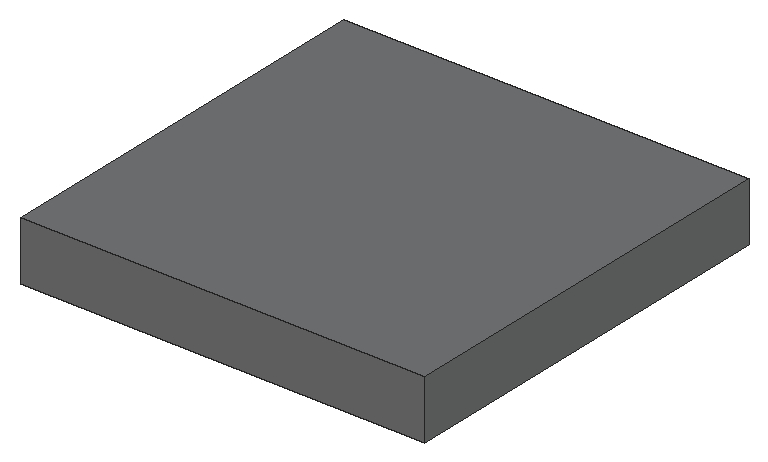
Revit family "Gira_029427", category Electrical Fixtures, host Face, Revit 2017
Family settings
  Host = Face
  Maintain Annotation Orientation = No
  Round Connector Dimension = Use Diameter
  Part Type = Normal
  Cut with Voids When Loaded = No
  Shared = No
  Room Calculation Point = No
Parameters (values of type "Wippe 2f Pfeilsymbol System 55 Reinweiß m")
  Werkstoffgüte = "Thermoplast"
  Werkstoff = "Kunststoff"
  Verwendung = "Jalousie"
  URL = "http://katalog.gira.de/de_DE/datenblatt.html?artikelnr=029427"
  Region = "DE"
  RAL-Nummer (ähnlich) = "9010 "
  Oberfläche = "sonstige"
  Name = "Wippe 2f Pfeilsymbol System 55 Reinweiß m"
  Mit austauschbarer Linse/Symbol = "No"
  Mit Beschriftungsfeld = "No"
  Manufacturer URL = "https://www.gira.de/"
  Kontrollfenster/Lichtauslass = "No"
  Keynote = "Sys55_Abdeckung_Schalten und Tasten"
  HeinzeBIM = "https://bimportal.heinze.de/bim/wippe-2f-pfeilsymbol-system-55-reinweiss-m/3096e77406ddc1c0cb12debb6dbec8106ffade15"
  Halogenfrei = "Yes"
  HAN = "029427"
  Geeignet für Schutzart (IP) = "IP20"
  Geeignet für Bussystem-Tasterankopplung = "No"
  GTIN = "4010337294276"
  Farbe = "weiß"
  Default Elevation = 1219.2 mm
  Data sheet (1) = "https://katalog.gira.de/de_DE/download.html?artikelnr=029427"
  Category = "Abdeckung/Bedienelement für Installationsschalterprogramme"
  Befestigungsart = "Klemmbefestigung"
  Available = "Yes"
  Ausführung der Oberfläche = "matt"
  Ausführung = "zweiteilige Wippe"
  Aufdruck/Kennzeichnung = "diverse Symbole"
  Anthrazit [instance] = Anthrazit
  Abtastbares Symbol/barrierefrei = "No"
Reference planes
  plane 1 "Center (Front/Back)": y = 0
  plane 2: z = 0
  plane 3 "Center (Left/Right)": x = 0
Forms (mm)
  Extrusion 1, solid, material "Anthrazit" <- "Anthrazit", detail levels fine
    sketch origin (0, 0, 0) x (1, 0, 0) y (0, 1, 0)
      loop
        line (-27.5, 27.5) -> (-27.5, -27.5) -> (27.5, -27.5) -> (27.5, 27.5) -> (-27.5, 27.5)
    from 0 to 8
  Extrusion 2, void
    sketch origin (0, 0, 0) x (1, 0, 0) y (0, 1, 0)
      loop
        line (26, 26) -> (-26, 26) -> (-26, -26) -> (26, -26) -> (26, 26)
    from 0 to 6
  Extrusion 3, solid, material "Anthrazit" <- "Anthrazit", detail levels medium
    sketch origin (0, 0, 0) x (1, 0, 0) y (0, 1, 0)
      loop
        line (-27.5, 27.5) -> (-27.5, -27.5) -> (27.5, -27.5) -> (27.5, 27.5) -> (-27.5, 27.5)
    from 0 to 8
  Extrusion 4, solid, material "Anthrazit" <- "Anthrazit", detail levels medium
    sketch origin (0, 0, 0) x (1, 0, 0) y (0, 1, 0)
      loop
        line (11, -17.5) -> (11, 17.5) -> (-11, 17.5) -> (-11, -17.5) -> (11, -17.5)
    from -6 to 6
  Extrusion 5, solid, material "Anthrazit" <- "Anthrazit", detail levels fine
    sketch origin (0, 0, 0) x (1, 0, 0) y (0, 1, 0)
      loop
        line (11, 17.5) -> (-11, 17.5) -> (-11, 16.5) -> (11, 16.5) -> (11, 17.5)
      loop
        line (-11, -16.5) -> (-11, -17.5) -> (11, -17.5) -> (11, -16.5) -> (-11, -16.5)
    from -4 to 6
  Extrusion 6, solid, material "Anthrazit" <- "Anthrazit", detail levels fine
    sketch origin (0, 0, 0) x (1, 0, 0) y (0, 1, 0)
      loop
        arc (5, 9.347) -> (0, 10.6) -> (-5, 9.347) r 10.6
        line (-5, 9.347) -> (-5, -9.347)
        arc (-5, -9.347) -> (0, -10.6) -> (5, -9.347) r 10.6
        line (5, -9.347) -> (5, 9.347)
    from -6 to 6
  Extrusion 7, solid, material "Anthrazit" <- "Anthrazit", detail levels coarse
    sketch origin (0, 0, 0) x (1, 0, 0) y (0, 1, 0)
      loop
        line (-27.5, 27.5) -> (-27.5, -27.5) -> (27.5, -27.5) -> (27.5, 27.5) -> (-27.5, 27.5)
    from -6 to 8
Cuts and joins
  Extrusion 2 cuts Extrusion 1
Dimensions and locks
  aligned and locked: plane 2 to host face
  aligned and locked: level to host face
